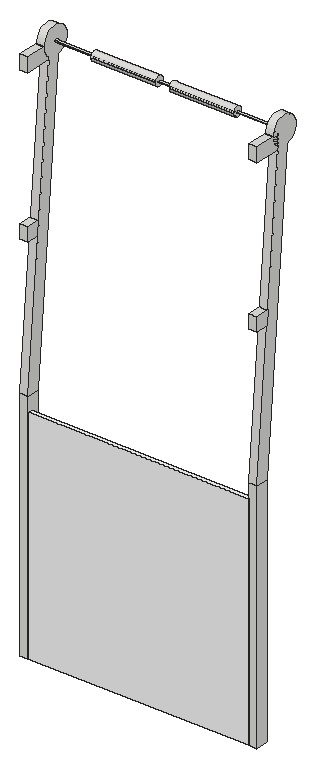
Revit family "Cruiserweight-T1", category Generic Models, host Wall, Revit 2026
Family settings
  Host = Wall
  Can host rebar = No
  Round Connector Dimension = Use Diameter
  Part Type = Normal
  Always vertical = Yes
  Cut with Voids When Loaded = Yes
  Maintain Annotation Orientation = No
  Shared = No
  Room Calculation Point = No
Parameters (values of type "8' x 8'")
  Type Comments = "Insuated"  # constant formula
  Trans = 0' - 6"  # constant formula
  TrackWidth = 0' - 3 1/2"
  TrackHeight = 19' - 6"
  TrackDepth = 0' - 5 3/8"
  Track Style = "Tilt Style 1"  # constant formula
  PanelSize = 2' - 0"  # constant formula
  OpeningWidth = 8' - 0"
  OpeningHeight = 8' - 0"
  Model = "Cruiserweight"  # constant formula
  Manufacturer = "TKO"  # constant formula
  DoorThk = 0' - 1 3/4"  # constant formula
  Description = "Sectional Door"  # constant formula
  Default Elevation = 0' - 0"
Types (16): name | TrackHeight | TrackDepth | OpeningWidth | OpeningHeight
  (no name) | 19' - 6" | 0' - 5 3/8" | 8' - 0" | 8' - 0"
  8' x 10' | 21' - 6" | 0' - 5 3/8" | 8' - 0" | 10' - 0"
  9' x 10' | 21' - 6" | 0' - 5 3/8" | 9' - 0" | 10' - 0"
  10' x 10' | 21' - 6" | 0' - 5 3/8" | 10' - 0" | 10' - 0"
  10' x 11' | 22' - 6" | 0' - 5 5/8" | 10' - 0" | 11' - 0"
  9' x 11' | 22' - 6" | 0' - 5 3/8" | 9' - 0" | 11' - 0"
  8' x 11' | 22' - 6" | 0' - 5 3/8" | 8' - 0" | 11' - 0"
  10' x 12' | 23' - 6" | 0' - 5 3/8" | 10' - 0" | 12' - 0"
  8' x 12' | 23' - 6" | 0' - 5 3/8" | 8' - 0" | 12' - 0"
  9' x 12' | 23' - 6" | 0' - 5 3/8" | 9' - 0" | 12' - 0"
  10' x 8' | 19' - 6" | 0' - 5 3/8" | 10' - 0" | 8' - 0"
  10' x 9' | 20' - 6" | 0' - 5 3/8" | 10' - 0" | 8' - 0"
  8' x 9' | 20' - 6" | 0' - 5 3/8" | 8' - 0" | 9' - 0"
  8' x 8' | 19' - 6" | 0' - 5 3/8" | 8' - 0" | 8' - 0"
  9' x 9' | 20' - 6" | 0' - 5 3/8" | 9' - 0" | 9' - 0"
  9' x 8' | 19' - 6" | 0' - 5 3/8" | 9' - 0" | 8' - 0"
Reference planes (in)
  plane 1: y = 0
  plane 2 "Center (Left/Right)": x = 0
  plane 3 "Wall Edge": y = 3
  plane 4: x = -48
  plane 5: x = 48
  plane 6: z = 96
  plane 7: y = 3
  plane 8: y = 4.75
  plane 9: z = 24
  plane 10: z = 48
  plane 11: z = 72
  plane 12: x = -51.5
  plane 13: x = 51.5
  plane 14: y = 8.375
  plane 15: z = 234
  plane 16: z = 96
  plane 17: z = 120
  plane 18: x = -3
  plane 19: x = 3
  plane 20: x = 31
  plane 21: x = -31
  plane 22: z = 102
  plane 23: z = 228
  plane 24: z = 168
  plane 25: z = 162
  plane 26: y = 18
Forms (in)
  Extrusion 1, void
    sketch origin (0, 3, 0) x (1, 0, 0) y (0, 0, 1)
      loop
        line (48, 96) -> (-48, 96) -> (-48, 0) -> (48, 0) -> (48, 96)
    from 0 to 6
  Extrusion 2, solid, material "DOOR PANEL"
    sketch origin (0, 0, 0) x (1, 0, 0) y (0, 1, 0)
      loop
        line (-48, 4.75) -> (-48, 3) -> (48, 3) -> (48, 4.75) -> (-48, 4.75)
    from 0 to 96
  Extrusion 3, solid, material "Steel"
    sketch origin (0, 0, 0) x (1, 0, 0) y (0, 1, 0)
      loop
        line (-51.5, 8.375) -> (-51.5, 3) -> (-48, 3) -> (-48, 8.375) -> (-51.5, 8.375)
      loop
        line (48, 8.375) -> (48, 3) -> (51.5, 3) -> (51.5, 8.375) -> (48, 8.375)
    from 0 to 102
  Extrusion 4, solid, material "Steel"
    sketch origin (0, 1.78796, -0.12474) x (0, 1, 0) y (0, 0, 1)
      loop
        circle (16.21204, 234.12474) r 6
    from 48 to 51.5
  Extrusion 5, solid, material "Steel"
    sketch origin (0, 0, 0) x (0, 1, 0) y (0, 0, -1)
      loop
        circle (18, -234) r 6
    from 48 to 51.5
  Extrusion 6, solid, material "Steel"
    sketch origin (0, 0, 0) x (0, 1, 0) y (0, 0, 1)
      loop
        circle (18, 234) r 0.5
    from -48 to 48
  Extrusion 7, solid, material "Steel"
    sketch origin (0, 2.69451, -0.65988) x (0, 1, 0) y (0, 0, 1)
      loop
        circle (15.30549, 234.65988) r 2
    from 3 to 31
  Extrusion 8, solid, material "Steel"
    sketch origin (0, -1.75968, -2.7495) x (0, 1, 0) y (0, 0, -1)
      loop
        circle (19.75968, -236.7495) r 2
    from 3 to 31
  Extrusion 9, solid, material "Steel"
    sketch origin (0, 0, 0) x (0, 1, 0) y (0, 0, 1)
      loop
        line (3, 102) -> (8.375, 102) -> (19.9235, 234) -> (14.5485, 234) -> (3, 102)
    from -51.5 to -48
  Extrusion 10, solid, material "Steel"
    sketch origin (0, 0, 0) x (0, 1, 0) y (0, 0, 1)
      loop
        line (14.5485, 234) -> (3, 234) -> (3, 228) -> (14.02357, 228) -> (14.5485, 234)
      loop
        line (3, 162) -> (8.24932, 162) -> (8.77425, 168) -> (3, 168) -> (3, 162)
    from 48 to 51.5
  Extrusion 11, solid, material "Steel"
    sketch origin (0, 0, 0) x (0, 1, 0) y (0, 0, -1)
      loop
        line (3, -102) -> (14.5485, -234) -> (19.9235, -234) -> (8.375, -102) -> (3, -102)
    from -51.5 to -48
  Extrusion 12, solid, material "Steel"
    sketch origin (0, 0, 0) x (0, 1, 0) y (0, 0, -1)
      loop
        line (14.5485, -234) -> (14.02357, -228) -> (3, -228) -> (3, -234) -> (14.5485, -234)
      loop
        line (3, -162) -> (3, -168) -> (8.77425, -168) -> (8.24932, -162) -> (3, -162)
    from 48 to 51.5
Cuts and joins
  joined: Extrusion 5, Extrusion 9
  joined: Extrusion 4, Extrusion 11
Lines and regions (in)
  model lines
    curve 1: line (48, 3, 24) -> (-48, 3, 24)
    curve 2: line (-48, 3, 48) -> (48, 3, 48)
    curve 3: line (48, 3, 72) -> (-48, 3, 72)
    curve 4: line (48, 3, 96) -> (-48, 3, 96)
    curve 5: line (48, 3, 120) -> (-48, 3, 120)
Text (in)
  text "Placement Side" at (0, 40.15149, 123.01588), in view "Right"
  text "Placement Side" at (-70.3804, 83.26548, 0), in view "Ref. Level"
  text "Placement Side" at (0, 81.62555, 140.59947), in view "Left"
Dimensions and locks (in)
  locked: plane 3 "Wall Edge" to host wall
  equal spacing: plane 5, plane 2 "Center (Left/Right)", plane 4
  "OpeningWidth": plane 5 to plane 4
  "DoorThk": plane 7 to plane 8
  host wall to Extrusion 2 = 0' - 4 3/4"
  "TrackDepth": plane 14 to plane 7
  "TrackWidth": plane 12 to plane 4
  "TrackWidth": plane 5 to plane 13
  "PanelSize": plane 9 to level
  equal spacing: plane 17, plane 16, plane 11, plane 10, plane 9, level
  "TrackHeight": level to plane 15
  "OpeningHeight": level to plane 6
  equal spacing: plane 18, plane 2 "Center (Left/Right)", plane 19, locked at 3 each
  locked: plane 21 to plane 18 at 28
  locked: plane 19 to plane 20 at 28
  "Trans": plane 6 to plane 22
  locked: Extrusion 9 sketch curve to Extrusion 9 sketch curve at 5.35455
  locked: Extrusion 11 sketch curve to Extrusion 11 sketch curve at 5.35455
  locked: plane 23 to plane 15 at 6
  locked: plane 24 to plane 25 at 6
  locked: plane 24 to plane 23 at 60
  locked: plane 26 to plane 1 at 18
  radius of Extrusion 4 sketch curve = 0' - 6"
  radius of Extrusion 5 sketch curve = 0' - 6"
  radius of Extrusion 6 sketch curve = 0' - 0 1/2"
  radius of Extrusion 7 sketch curve = 0' - 2"
  radius of Extrusion 8 sketch curve = 0' - 2"
  locked: Extrusion 9 sketch curve to plane 1 (angle 5.00°)
  aligned and locked: host wall to plane 7
  aligned and locked: Extrusion 1 sketch curve to plane 5
  aligned and locked: Extrusion 1 sketch curve to plane 4
  aligned and locked: Extrusion 1 to plane 7
  aligned and locked: host wall to Extrusion 1
  aligned and locked: Extrusion 2 to plane 3 "Wall Edge"
  aligned and locked: plane 8 to Extrusion 2
  aligned and locked: Extrusion 2 to plane 6
  aligned and locked: Extrusion 3 sketch curve to plane 14  (x2)
  aligned and locked: Extrusion 3 sketch curve to plane 12
  aligned and locked: curve 1 to Extrusion 3 sketch curve
  aligned and locked: plane 5 to Extrusion 3 sketch curve
  aligned and locked: Extrusion 3 sketch curve to plane 7
  aligned and locked: Extrusion 3 sketch curve to plane 13
  aligned and locked: plane 13 to Extrusion 4
  aligned and locked: Extrusion 4 to plane 5
  aligned and locked: plane 4 to Extrusion 5
  aligned and locked: Extrusion 5 to plane 12
  aligned and locked: curve 2 to plane 10
  aligned and locked: curve 3 to plane 11
  aligned and locked: curve 1 to plane 9
  aligned and locked: plane 5 to Extrusion 6
  aligned and locked: Extrusion 6 to plane 4
  aligned and locked: Extrusion 2 to level
  aligned and locked: curve 4 to plane 16
  aligned and locked: curve 5 to plane 17
  aligned and locked: level to Extrusion 2
  aligned and locked: Extrusion 1 sketch curve to level
  aligned and locked: Extrusion 1 sketch curve to plane 6
  aligned and locked: Extrusion 7 to plane 20
  aligned and locked: Extrusion 7 to plane 19
  aligned and locked: Extrusion 8 to plane 18
  aligned and locked: Extrusion 8 to plane 21
  aligned and locked: plane 22 to Extrusion 9 sketch curve
  aligned and locked: plane 15 to Extrusion 9 sketch curve
  aligned and locked: Extrusion 9 to plane 12
  aligned and locked: Extrusion 9 to plane 4
  aligned and locked: plane 15 to Extrusion 10 sketch curve
  aligned and locked: Extrusion 10 sketch curve to plane 7
  aligned and locked: plane 7 to Extrusion 10 sketch curve
  aligned and locked: Extrusion 10 to plane 13
  aligned and locked: Extrusion 10 to plane 5
  aligned and locked: Extrusion 11 to plane 13
  aligned and locked: Extrusion 11 to plane 5
  aligned and locked: Extrusion 9 to Extrusion 11  (x2)
  aligned and locked: Extrusion 10 sketch curve to Extrusion 11
  aligned and locked: Extrusion 11 to Extrusion 10 sketch curve
  aligned and locked: plane 15 to Extrusion 10
  aligned and locked: plane 23 to Extrusion 10
  aligned and locked: plane 24 to Extrusion 10
  aligned and locked: Extrusion 10 to plane 25
  aligned and locked: plane 4 to Extrusion 12
  aligned and locked: Extrusion 12 to plane 12
  aligned and locked: plane 24 to Extrusion 12
  aligned and locked: Extrusion 12 to plane 25
  aligned and locked: plane 23 to Extrusion 12
  aligned and locked: plane 15 to Extrusion 12
  aligned and locked: Extrusion 12 to Extrusion 9  (x2)
  aligned and locked: plane 15 to Extrusion 4 sketch curve
  aligned and locked: plane 26 to Extrusion 4 sketch curve
  aligned and locked: plane 26 to Extrusion 5 sketch curve
  aligned and locked: plane 15 to Extrusion 5 sketch curve
  aligned and locked: plane 15 to Extrusion 6 sketch curve
  aligned and locked: plane 26 to Extrusion 6 sketch curve
  aligned and locked: plane 26 to Extrusion 7 sketch curve
  aligned and locked: plane 15 to Extrusion 7 sketch curve
  aligned and locked: plane 15 to Extrusion 8 sketch curve
  aligned and locked: plane 26 to Extrusion 8 sketch curve
  aligned and locked: Extrusion 2 to plane 4
  aligned and locked: Extrusion 2 to plane 5
  aligned and locked: plane 22 to Extrusion 3
  aligned and locked: plane 4 to Extrusion 3
Automatic sketch dimensions
  Extrusion 2 sketch curve to host wall = 0' - 0"
  Extrusion 2 sketch curve to plane 4 = 0' - 0"
  plane 5 to Extrusion 2 sketch curve = 0' - 0"
  Extrusion 2 sketch curve to plane 8 = 0' - 0"
  curve 3 to plane 4 = 0' - 0"
  curve 1 to plane 4 = 0' - 0"
  curve 2 to plane 4 = 0' - 0"
  curve 4 to plane 4 = 0' - 0"
  curve 5 to plane 4 = 0' - 0"
  curve 4 to plane 5 = 0' - 0"
  curve 2 to plane 5 = 0' - 0"
  curve 5 to plane 5 = 0' - 0"
  curve 1 to plane 5 = 0' - 0"
  curve 3 to plane 5 = 0' - 0"
  plane 4 to Extrusion 3 sketch curve = 0' - 0"
  Extrusion 3 sketch curve to plane 13 = 0' - 0"
  Extrusion 9 sketch curve to host wall = 0' - 0"
  Extrusion 10 sketch curve to plane 25 = 0' - 0"
  Extrusion 10 sketch curve to plane 24 = 0' - 0"
  plane 23 to Extrusion 10 sketch curve = 0' - 0"
  Extrusion 11 sketch curve to host wall = 0' - 0"
  Extrusion 11 sketch curve to plane 14 = 0' - 0"
  Extrusion 11 sketch curve to plane 15 = 0' - 0"
  Extrusion 11 sketch curve to plane 22 = 0' - 0"
  Extrusion 12 sketch curve to host wall = 0' - 0"  (x2)
  Extrusion 12 sketch curve to plane 25 = 0' - 0"
  Extrusion 12 sketch curve to plane 24 = 0' - 0"
  plane 23 to Extrusion 12 sketch curve = 0' - 0"
  Extrusion 12 sketch curve to plane 15 = 0' - 0"
  Extrusion 12 sketch curve to plane 14 = 0' - 0.12568"
  plane 14 to Extrusion 12 sketch curve = 0' - 0.39925"
  plane 14 to Extrusion 12 sketch curve = 0' - 5.64857"
  Extrusion 12 sketch curve to Extrusion 12 sketch curve = 0' - 0.52493"
